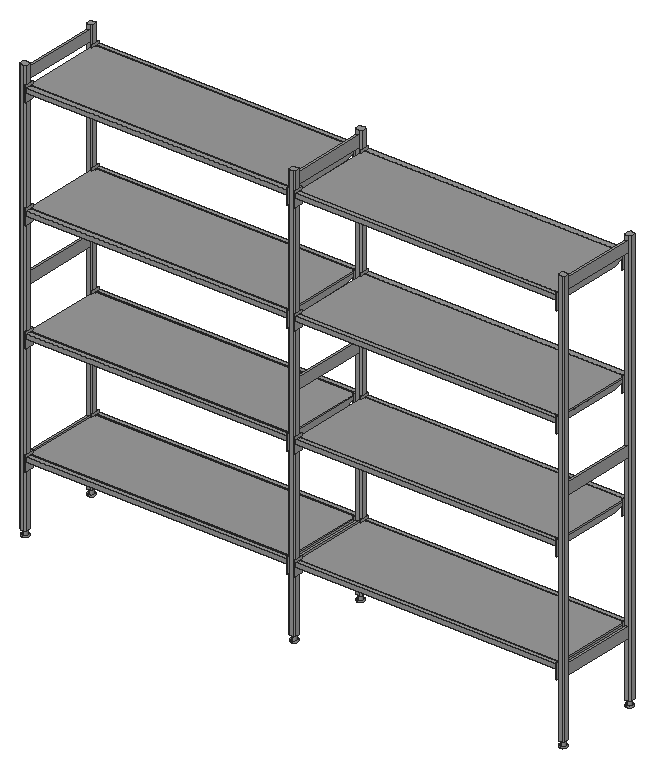
Revit family "QF_ZANUSSI_137025_ALS2224", category Attrezzature speciali, Revit 2020
Family settings
  Quota connettore circolare = Usa diametro
  Tipo di parte = Normale
  Basato su piano di lavoro = No
  Sempre verticale = Sì
  Taglio con vuoti quando caricato = No
  Condiviso = No
  Punto di calcolo locali = No
Parameters (values of type "Standard")
  Weight = 37.00 kg
  Watts = 0 W
  Volts = 0 V
  URL Manufacturer = "http://www.zanussiprofessional.com"
  URL = "http://www.zanussiprofessional.com"
  Steam Supply Size = 0 mm
  Steam Supply Minimum Pressure = 0.0 Pa
  Steam Supply Maximum Pressure = 0.0 Pa
  Steam Consumption per Hour = 0
  Refrigeration Suction Line Size = 0.0 mm
  Refrigeration Liquid Line Size = 0.0 mm
  Refrigerant Compressor Remote = yes
  Prospetto di default = 0.0 mm
  Phase = 0
  Modello = "ALS2224"
  Produttore = "Zanussi"
  Length Actual = 2224.0 mm  # constant formula
  Item Number = "137025"
  Hot Water Size = 0 mm
  Height Actual = 1700.0 mm  # constant formula
  HP = "0 HP"
  Gas Size = 0 mm
  Gas KW = 0
  Gas Input Pressure = 0 W
  Direct Waste Size = 0 mm
  Descrizione = "ALUM.LINEAR SHELV.-POLY.TIERS-373X2224MM"
  Depth Actual = 373.0 mm  # constant formula
  Cycle = 0 Hz
  Condensate Return Size = 0 mm
  Compressed Air Volume = 0.0 L/s
  Compressed Air Size = 0 mm
  Compressed Air Pressure = 0.0 Pa
  Cold Water Size = 0 mm
  Accessory = yes
Reference planes
  plane 1: z = 0
  plane 2 "CenterLeft": x = -31
  plane 3 "LEFT": x = -417
  plane 4 "BACK": y = 23
  plane 5 "FRONT": y = -350
  plane 6 "TOP": z = 1700
  plane 7: x = -385
  plane 8: x = 677
  plane 9 "Center (Front/Back)": y = -163.5
  plane 10: y = -8.5
  plane 11: y = -318.5
  plane 12 "FEET": z = 25
  plane 13: z = 275
  plane 14: z = 725
  plane 15: z = 1175
  plane 16: z = 1625
  plane 17 "CXLeft": x = -403
  plane 18 "Center (Left/Right)": x = 695
  plane 19: y = 5.5
  plane 20 "CYBack": y = 5.5
  plane 21 "CYFront": y = -332.5
  plane 22 "RIGHT": x = 1807
  plane 23: x = 1775
  plane 24 "CXRight": x = 1793
  plane 25: x = 713
Forms (mm)
  Extrusion 1, solid, material "QF_Aluminum"
    sketch origin (-417, 0, -4.006) x (0, 1, 0) y (0, 0, 1)
      loop
        line (-12, 1637.003) -> (4, 1637.003) -> (4, 1655) -> (2.007, 1655) -> (2.007, 1648.501) -> (-329, 1648.501) -> (-329, 1655) -> (-331, 1655) -> (-331, 1637.003) -> (-315, 1637.003) -> (-281, 1625) -> (-46, 1625) -> (-12, 1637.003)
      loop
        line (-12, 1187.003) -> (4, 1187.003) -> (4, 1205) -> (2.007, 1205) -> (2.007, 1198.501) -> (-329, 1198.501) -> (-329, 1205) -> (-331, 1205) -> (-331, 1187.003) -> (-315, 1187.003) -> (-281, 1175) -> (-46, 1175) -> (-12, 1187.003)
      loop
        line (-12, 737.003) -> (4, 737.003) -> (4, 755) -> (2.007, 755) -> (2.007, 748.501) -> (-329, 748.501) -> (-329, 755) -> (-331, 755) -> (-331, 737.003) -> (-315, 737.003) -> (-281, 725) -> (-46, 725) -> (-12, 737.003)
      loop
        line (-12, 287.003) -> (4, 287.003) -> (4, 305) -> (2.007, 305) -> (2.007, 298.501) -> (-329, 298.501) -> (-329, 305) -> (-331, 305) -> (-331, 287.003) -> (-315, 287.003) -> (-281, 275) -> (-46, 275) -> (-12, 287.003)
    from 37 to 32
  Extrusion 2, solid, material "QF_Aluminum"
    sketch origin (-417, 0, 0) x (0, 1, 0) y (0, 0, 1)
      loop
        line (23, 246.005) -> (23, 307.993) -> (-12.993, 307.993) -> (-12.993, 246.005) -> (23, 246.005)
      loop
        line (-350, 246.005) -> (-314.007, 246.005) -> (-314.007, 307.993) -> (-350, 307.993) -> (-350, 246.005)
      loop
        line (23, 696.005) -> (23, 757.993) -> (-12.993, 757.993) -> (-12.993, 696.005) -> (23, 696.005)
      loop
        line (-350, 696.005) -> (-314.007, 696.005) -> (-314.007, 757.993) -> (-350, 757.993) -> (-350, 696.005)
      loop
        line (23, 1146.005) -> (23, 1207.993) -> (-12.993, 1207.993) -> (-12.993, 1146.005) -> (23, 1146.005)
      loop
        line (-350, 1146.005) -> (-314.007, 1146.005) -> (-314.007, 1207.993) -> (-350, 1207.993) -> (-350, 1146.005)
      loop
        line (23, 1596.005) -> (23, 1657.993) -> (-12.993, 1657.993) -> (-12.993, 1596.005) -> (23, 1596.005)
      loop
        line (-350, 1596.005) -> (-314.007, 1596.005) -> (-314.007, 1657.993) -> (-350, 1657.993) -> (-350, 1596.005)
    from 28 to 32
  Extrusion 3, solid, material "QF_Aluminum"
    sketch origin (-417, 0, 0) x (0, 1, 0) y (0, 0, 1)
      loop
        line (4, 1650.994) -> (4, 1632.998) -> (23, 1632.998) -> (23, 1650.994) -> (4, 1650.994)
      loop
        line (-331, 1650.994) -> (-350, 1650.994) -> (-350, 1632.998) -> (-331, 1632.998) -> (-331, 1650.994)
      loop
        line (4, 1200.994) -> (4, 1182.998) -> (23, 1182.998) -> (23, 1200.994) -> (4, 1200.994)
      loop
        line (-331, 1200.994) -> (-350, 1200.994) -> (-350, 1182.998) -> (-331, 1182.998) -> (-331, 1200.994)
      loop
        line (4, 750.994) -> (4, 732.998) -> (23, 732.998) -> (23, 750.994) -> (4, 750.994)
      loop
        line (-331, 750.994) -> (-350, 750.994) -> (-350, 732.998) -> (-331, 732.998) -> (-331, 750.994)
      loop
        line (4, 300.994) -> (4, 282.998) -> (23, 282.998) -> (23, 300.994) -> (4, 300.994)
      loop
        line (-331, 300.994) -> (-350, 300.994) -> (-350, 282.998) -> (-331, 282.998) -> (-331, 300.994)
    from 32 to 1094
  Extrusion 4, solid, material "QF_Polyethylene"
    sketch origin (-417, 0, 0) x (0, 1, 0) y (0, 0, 1)
      loop
        line (2.007, 1650.994) -> (-329, 1650.994) -> (-329, 1644.496) -> (2.007, 1644.496) -> (2.007, 1650.994)
      loop
        line (2.007, 1200.994) -> (-329, 1200.994) -> (-329, 1194.496) -> (2.007, 1194.496) -> (2.007, 1200.994)
      loop
        line (2.007, 750.994) -> (-329, 750.994) -> (-329, 744.496) -> (2.007, 744.496) -> (2.007, 750.994)
      loop
        line (2.007, 300.994) -> (-329, 300.994) -> (-329, 294.496) -> (2.007, 294.496) -> (2.007, 300.994)
    from 32 to 1094
  Extrusion 5, solid, material "QF_Aluminum"
    sketch origin (1807, 0, 0) x (0, 1, 0) y (0, 0, 1)
      loop
        line (4, 1650.994) -> (4, 1632.998) -> (23, 1632.998) -> (23, 1650.994) -> (4, 1650.994)
      loop
        line (-331, 1650.994) -> (-350, 1650.994) -> (-350, 1632.998) -> (-331, 1632.998) -> (-331, 1650.994)
      loop
        line (4, 1200.994) -> (4, 1182.998) -> (23, 1182.998) -> (23, 1200.994) -> (4, 1200.994)
      loop
        line (-331, 1200.994) -> (-350, 1200.994) -> (-350, 1182.998) -> (-331, 1182.998) -> (-331, 1200.994)
      loop
        line (4, 750.994) -> (4, 732.998) -> (23, 732.998) -> (23, 750.994) -> (4, 750.994)
      loop
        line (-331, 750.994) -> (-350, 750.994) -> (-350, 732.998) -> (-331, 732.998) -> (-331, 750.994)
      loop
        line (4, 300.994) -> (4, 282.998) -> (23, 282.998) -> (23, 300.994) -> (4, 300.994)
      loop
        line (-331, 300.994) -> (-350, 300.994) -> (-350, 282.998) -> (-331, 282.998) -> (-331, 300.994)
    from -32 to -1094
  Extrusion 6, solid, material "QF_Polyethylene"
    sketch origin (1807, 0, 0) x (0, 1, 0) y (0, 0, 1)
      loop
        line (2.007, 1650.994) -> (-329, 1650.994) -> (-329, 1644.496) -> (2.007, 1644.496) -> (2.007, 1650.994)
      loop
        line (2.007, 1200.994) -> (-329, 1200.994) -> (-329, 1194.496) -> (2.007, 1194.496) -> (2.007, 1200.994)
      loop
        line (2.007, 750.994) -> (-329, 750.994) -> (-329, 744.496) -> (2.007, 744.496) -> (2.007, 750.994)
      loop
        line (2.007, 300.994) -> (-329, 300.994) -> (-329, 294.496) -> (2.007, 294.496) -> (2.007, 300.994)
    from -32 to -1094
Lines and regions (mm)
  symbolic lines
    curve 1: line (677, 4, 1700) -> (-385, 4, 1700)
    curve 2: line (-408, -8.5, 1700) -> (-408, -318.5, 1700)
    curve 3: line (-398, -318.5, 1700) -> (-398, -8.5, 1700)
    curve 4: line (-389, 23, 1700) -> (681, 23, 1700)
    curve 5: line (-385, -350, 1700) -> (677, -350, 1700)
    curve 6: line (709, 23, 1700) -> (1779, 23, 1700)
    curve 7: line (709, -350, 1700) -> (1779, -350, 1700)
    curve 8: line (-385, -331, 1700) -> (677, -331, 1700)
    curve 9: line (713, -331, 1700) -> (1775, -331, 1700)
    curve 10: line (713, 4, 1700) -> (1775, 4, 1700)
    curve 11: line (1775, -12.993, 1700) -> (1775, -314.007, 1700)
    curve 12: line (677, -12.993, 1700) -> (677, -314.007, 1700)
    curve 13: line (713, -314.007, 1700) -> (713, -12.993, 1700)
    curve 14: line (-385, -12.993, 1700) -> (-385, -314.007, 1700)
Dimensions and locks
  plane 3 "LEFT" to plane 2 "CenterLeft" = 386.0 mm
  locked: plane 6 "TOP" to level at 1700
  locked: plane 4 "BACK" to plane 5 "FRONT" at 373
  locked: plane 7 to plane 8 at 1062
  locked: plane 10 to plane 11 at 310
  equal spacing: plane 10, plane 9 "Center (Front/Back)", plane 11
  equal spacing: plane 4 "BACK", plane 9 "Center (Front/Back)", plane 5 "FRONT"
  plane 12 "FEET" to level = 25.0 mm
  plane 6 "TOP" to plane 12 "FEET" = 1675.0 mm
  plane 13 to plane 12 "FEET" = 250.0 mm
  plane 14 to plane 13 = 450.0 mm
  plane 15 to plane 14 = 450.0 mm
  plane 16 to plane 15 = 450.0 mm
  locked: plane 4 "BACK" to plane 20 "CYBack" at 17.5
  locked: plane 21 "CYFront" to plane 5 "FRONT" at 17.5
  locked: plane 4 "BACK" to Extrusion 1 at 19
  locked: Extrusion 1 to plane 5 "FRONT" at 19
  Extrusion 1 sketch curve to plane 21 "CYFront" = 3.5 mm
  plane 3 "LEFT" to plane 22 "RIGHT" = 2224.0 mm
  locked: plane 25 to plane 23 at 1062
  locked: plane 8 to plane 18 "Center (Left/Right)" at 18
  locked: plane 18 "Center (Left/Right)" to plane 25 at 18
  locked: plane 3 "LEFT" to plane 7 at 32
  locked: plane 24 "CXRight" to plane 22 "RIGHT" at 14
  aligned and locked: level to plane 1
  aligned and locked: plane 7 to Extrusion 1
  aligned and locked: Extrusion 2 to plane 7
  aligned and locked: plane 7 to Extrusion 4
  aligned and locked: Extrusion 4 to plane 8
  aligned and locked: plane 7 to Extrusion 3
  aligned and locked: Extrusion 3 to plane 8
  aligned and locked: Extrusion 3 sketch curve to Extrusion 1
  aligned and locked: Extrusion 1 to Extrusion 3 sketch curve
  aligned and locked: Extrusion 3 sketch curve to Extrusion 3 sketch curve  (x2)
  aligned and locked: Extrusion 1 sketch curve to Extrusion 1 sketch curve  (x3)
  aligned and locked: Extrusion 4 sketch curve to Extrusion 1  (x4)
  aligned and locked: Extrusion 5 sketch curve to Extrusion 5 sketch curve  (x2)
  aligned and locked: Extrusion 5 to plane 25
  aligned and locked: Extrusion 6 to plane 25
  aligned and locked: plane 18 "Center (Left/Right)" to nested 3
  aligned and locked: plane 17 "CXLeft" to nested 1
  aligned and locked: Extrusion 3 to plane 7  (x3)
  aligned and locked: plane 8 to Extrusion 3  (x4)
  aligned and locked: plane 25 to Extrusion 5  (x4)
  aligned and locked: plane 25 to Extrusion 6  (x4)
  aligned and locked: plane 8 to Extrusion 4  (x4)
  aligned and locked: plane 24 "CXRight" to nested 2
  aligned and locked: Extrusion 5 to plane 23
  aligned and locked: Extrusion 6 to plane 23
  aligned and locked: plane 23 to Extrusion 5  (x3)
  aligned and locked: plane 23 to Extrusion 6  (x3)
Automatic sketch dimensions
  plane 21 "CYFront" to Extrusion 1 sketch curve = 1.5 mm  (x4)
  plane 11 to Extrusion 1 sketch curve = 3.5 mm  (x4)
  Extrusion 1 sketch curve to plane 13 = 4.006 mm
  Extrusion 1 sketch curve to Extrusion 1 sketch curve = 34.0 mm  (x4)
  Extrusion 1 sketch curve to plane 14 = 4.006 mm
  Extrusion 1 sketch curve to plane 15 = 4.006 mm
  Extrusion 1 sketch curve to plane 16 = 4.006 mm
  Extrusion 1 sketch curve to plane 10 = 37.5 mm  (x4)
  Extrusion 1 sketch curve to plane 10 = 3.5 mm  (x4)
  plane 19 to Extrusion 1 sketch curve = 3.493 mm  (x4)
  plane 19 to Extrusion 1 sketch curve = 1.5 mm  (x4)
  plane 13 to Extrusion 1 sketch curve = 7.998 mm  (x2)
  Extrusion 1 sketch curve to Extrusion 1 sketch curve = 11.498 mm  (x4)
  Extrusion 1 sketch curve to Extrusion 1 sketch curve = 6.499 mm  (x8)
  plane 14 to Extrusion 1 sketch curve = 7.998 mm  (x2)
  plane 15 to Extrusion 1 sketch curve = 7.998 mm  (x2)
  plane 16 to Extrusion 1 sketch curve = 7.998 mm  (x2)
  Extrusion 2 sketch curve to plane 5 "FRONT" = 0.0 mm  (x4)
  Extrusion 2 sketch curve to plane 4 "BACK" = 0.0 mm  (x4)
  plane 11 to Extrusion 2 sketch curve = 4.493 mm  (x4)
  Extrusion 2 sketch curve to plane 10 = 4.493 mm  (x4)
  Extrusion 2 sketch curve to plane 13 = 28.995 mm  (x2)
  plane 13 to Extrusion 2 sketch curve = 32.993 mm  (x2)
  Extrusion 2 sketch curve to plane 14 = 28.995 mm  (x2)
  plane 14 to Extrusion 2 sketch curve = 32.993 mm  (x2)
  Extrusion 2 sketch curve to plane 15 = 28.995 mm  (x2)
  plane 15 to Extrusion 2 sketch curve = 32.993 mm  (x2)
  Extrusion 2 sketch curve to plane 16 = 28.995 mm  (x2)
  plane 16 to Extrusion 2 sketch curve = 32.993 mm  (x2)
  Extrusion 3 sketch curve to plane 5 "FRONT" = 0.0 mm  (x4)
  Extrusion 3 sketch curve to plane 4 "BACK" = 0.0 mm  (x4)
  plane 19 to Extrusion 3 sketch curve = 1.5 mm  (x4)
  plane 13 to Extrusion 3 sketch curve = 7.998 mm  (x2)
  Extrusion 3 sketch curve to Extrusion 3 sketch curve = 17.997 mm  (x8)
  plane 14 to Extrusion 3 sketch curve = 7.998 mm  (x2)
  plane 15 to Extrusion 3 sketch curve = 7.998 mm  (x2)
  plane 16 to Extrusion 3 sketch curve = 7.998 mm  (x2)
  plane 19 to Extrusion 4 sketch curve = 3.493 mm  (x4)
  plane 13 to Extrusion 4 sketch curve = 19.496 mm
  Extrusion 4 sketch curve to Extrusion 4 sketch curve = 6.499 mm  (x4)
  plane 14 to Extrusion 4 sketch curve = 19.496 mm
  plane 15 to Extrusion 4 sketch curve = 19.496 mm
  plane 16 to Extrusion 4 sketch curve = 19.496 mm
  Extrusion 5 sketch curve to plane 5 "FRONT" = 0.0 mm  (x4)
  Extrusion 5 sketch curve to plane 4 "BACK" = 0.0 mm  (x4)
  plane 21 "CYFront" to Extrusion 5 sketch curve = 1.5 mm  (x2)
  plane 19 to Extrusion 5 sketch curve = 1.5 mm  (x4)
  plane 13 to Extrusion 5 sketch curve = 7.998 mm  (x2)
  Extrusion 5 sketch curve to Extrusion 5 sketch curve = 17.997 mm  (x8)
  plane 14 to Extrusion 5 sketch curve = 7.998 mm  (x2)
  plane 15 to Extrusion 5 sketch curve = 7.998 mm  (x2)
  plane 16 to Extrusion 5 sketch curve = 7.998 mm  (x2)
  plane 21 "CYFront" to Extrusion 6 sketch curve = 3.5 mm  (x4)
  plane 19 to Extrusion 6 sketch curve = 3.493 mm  (x4)
  plane 13 to Extrusion 6 sketch curve = 19.496 mm
  Extrusion 6 sketch curve to Extrusion 6 sketch curve = 6.499 mm  (x4)
  plane 14 to Extrusion 6 sketch curve = 19.496 mm
  plane 15 to Extrusion 6 sketch curve = 19.496 mm
  plane 16 to Extrusion 6 sketch curve = 19.496 mm
  curve 7 to plane 5 "FRONT" = 0.0 mm
  curve 5 to plane 5 "FRONT" = 0.0 mm
  curve 8 to plane 8 = 0.0 mm
  curve 9 to plane 25 = 0.0 mm
  curve 9 to plane 23 = 0.0 mm
  curve 8 to plane 7 = 0.0 mm
  curve 2 to plane 11 = 0.0 mm
  curve 3 to plane 11 = 0.0 mm
  curve 14 to plane 7 = 0.0 mm
  curve 13 to plane 25 = 0.0 mm
  curve 12 to plane 8 = 0.0 mm
  curve 11 to plane 23 = 0.0 mm
  curve 3 to plane 10 = 0.0 mm
  curve 2 to plane 10 = 0.0 mm
  curve 1 to plane 8 = 0.0 mm
  curve 1 to plane 7 = 0.0 mm
  curve 10 to plane 23 = 0.0 mm
  curve 10 to plane 25 = 0.0 mm
  curve 4 to plane 4 "BACK" = 0.0 mm
  curve 6 to plane 4 "BACK" = 0.0 mm
  curve 5 to plane 8 = 0.0 mm
  curve 5 to plane 7 = 0.0 mm
  plane 21 "CYFront" to curve 8 = 1.5 mm
  plane 21 "CYFront" to curve 9 = 1.5 mm
  plane 11 to curve 14 = 4.493 mm
  plane 11 to curve 13 = 4.493 mm
  plane 11 to curve 12 = 4.493 mm
  plane 11 to curve 11 = 4.493 mm
  curve 14 to plane 10 = 4.493 mm
  curve 13 to plane 10 = 4.493 mm
  curve 12 to plane 10 = 4.493 mm
  curve 11 to plane 10 = 4.493 mm
  plane 19 to curve 1 = 1.5 mm
  plane 19 to curve 10 = 1.5 mm
  curve 6 to plane 23 = 4.0 mm
  curve 7 to plane 23 = 4.0 mm
  curve 6 to plane 25 = 4.0 mm
  curve 7 to plane 25 = 4.0 mm
  curve 4 to plane 8 = 4.0 mm
  plane 7 to curve 4 = 4.0 mm
  plane 17 "CXLeft" to curve 3 = 5.0 mm
  curve 2 to plane 17 "CXLeft" = 5.0 mm
Nested families
  nested 1: "WT_Anta373" at (0, 0, 0), type "WT_Anta373"
  nested 2: "WT_Anta373" at (1390, 0, 0) x (-1, 0, 0) z (0, 0, 1), type "WT_Anta373"
  nested 3: "WT_Anta373Center" at (1098, 0, 0), type "WT_Anta373Center"
Definition of nested family "WT_Anta373"
  Parameters
    WidthLeft = A + 64.0 mm  # 772.0 mm
    Width = 1606.0 mm
    Right = WidthLeft / 2  # 386.0 mm
    Default Elevation = 0.0 mm
    Left = -WidthLeft / 2  # -386.0 mm
    Height = 1725.0 mm
    FEET = 25.0 mm
    E = 0.0 mm
    Dint = Depth - 63.0 mm  # 310.0 mm
    Dext = Depth - 8.0 mm  # 365.0 mm
    Depth = 373.0 mm
    DX = (WidthLeft - A) / 2  # 32.0 mm
    B = 798.0 mm
    A = 708.0 mm
  Reference planes
    plane 1: z = 0
    plane 2 "LEFT": x = -417
    plane 3 "BACK": y = 23
    plane 4 "FRONT": y = -350
    plane 5 "TOP": z = 1725
    plane 6 "Center (Front/Back)": y = -163.5
    plane 7: y = -8.5
    plane 8: y = -318.5
    plane 9 "FEET": z = 25
    plane 10: z = 275
    plane 11: z = 725
    plane 12: z = 1175
    plane 13: z = 1625
    plane 14 "CXLeft": x = -403
    plane 15: y = 5.5
    plane 16 "CYBack": y = 5.5
    plane 17 "CYFront": y = -332.5
    plane 18: x = -385.031
    plane 19: x = -380.031
  Forms (mm)
    Extrusion 1, solid
      sketch origin (0, 0, 0) x (1, 0, 0) y (0, 1, 0)
        loop
          line (-417, 13.246) -> (-417, -2.246) -> (-410.746, -8.5) -> (-395.254, -8.5) -> (-389, -2.246) -> (-389, 13.246) -> (-395.254, 19.5) -> (-410.746, 19.5) -> (-417, 13.246)
      from 1725 to 25
    Extrusion 2, solid
      sketch origin (-417, 0, 0) x (0, 1, 0) y (0, 0, 1)
        loop
          line (23, 246.005) -> (23, 307.993) -> (-12.993, 307.993) -> (-12.993, 246.005) -> (23, 246.005)
        loop
          line (-350, 246.005) -> (-314.007, 246.005) -> (-314.007, 307.993) -> (-350, 307.993) -> (-350, 246.005)
        loop
          line (23, 696.005) -> (23, 757.993) -> (-12.993, 757.993) -> (-12.993, 696.005) -> (23, 696.005)
        loop
          line (-350, 696.005) -> (-314.007, 696.005) -> (-314.007, 757.993) -> (-350, 757.993) -> (-350, 696.005)
        loop
          line (23, 1146.005) -> (23, 1207.993) -> (-12.993, 1207.993) -> (-12.993, 1146.005) -> (23, 1146.005)
        loop
          line (-350, 1146.005) -> (-314.007, 1146.005) -> (-314.007, 1207.993) -> (-350, 1207.993) -> (-350, 1146.005)
        loop
          line (23, 1596.005) -> (23, 1657.993) -> (-12.993, 1657.993) -> (-12.993, 1596.005) -> (23, 1596.005)
        loop
          line (-350, 1596.005) -> (-314.007, 1596.005) -> (-314.007, 1657.993) -> (-350, 1657.993) -> (-350, 1596.005)
      from 28 to 32
    Revolve 3, solid
      sketch origin (-403, 0, 0) x (0, 1, 0) y (0, 0, 1)
        loop
          line (5.5, 25) -> (5.5, 0) -> (19, 0) -> (19, 5) -> (14, 5) -> (14, 25) -> (5.5, 25)
        axis (5.5, 25) -> (5.5, 0)
      angle from 0 to 360
    Extrusion 4, solid
      sketch origin (-403, 0, 0) x (0, 1, 0) y (0, 0, 1)
        loop
          line (-8.5, 912.382) -> (-8.5, 957.374) -> (-318.5, 957.374) -> (-318.5, 912.382) -> (-8.5, 912.382)
        loop
          line (-8.5, 1662.244) -> (-8.5, 1707.236) -> (-318.5, 1707.236) -> (-318.5, 1662.244) -> (-8.5, 1662.244)
      from -5 to 5
    Revolve 5, solid
      sketch origin (-403, -627, 0) x (0, -1, 0) y (0, 0, 1)
        loop
          line (-294.5, 25) -> (-294.5, 0) -> (-281, 0) -> (-281, 5) -> (-286, 5) -> (-286, 25) -> (-294.5, 25)
        axis (-294.5, 25) -> (-294.5, 0)
      angle from 0 to 360
    Extrusion 6, solid
      sketch origin (0, -627, 0) x (1, 0, 0) y (0, 1, 0)
        loop
          line (-417, 286.754) -> (-410.746, 280.5) -> (-395.254, 280.5) -> (-389, 286.754) -> (-389, 302.246) -> (-395.254, 308.5) -> (-410.746, 308.5) -> (-417, 302.246) -> (-417, 286.754)
      from 1725 to 25
    Extrusion 7, solid
      sketch origin (-417.031, -0.022, 0) x (0, 1, 0) y (0, 0, -1)
        loop
          line (-12, -1632.998) -> (-46, -1620.994) -> (-281, -1620.994) -> (-315, -1632.998) -> (-331, -1632.998) -> (-331, -1650.994) -> (-329, -1650.994) -> (-329, -1644.496) -> (2.007, -1644.496) -> (2.007, -1650.994) -> (4, -1650.994) -> (4, -1632.998) -> (-12, -1632.998)
        loop
          line (-12, -1182.998) -> (-46, -1170.994) -> (-281, -1170.994) -> (-315, -1182.998) -> (-331, -1182.998) -> (-331, -1200.994) -> (-329, -1200.994) -> (-329, -1194.496) -> (2.007, -1194.496) -> (2.007, -1200.994) -> (4, -1200.994) -> (4, -1182.998) -> (-12, -1182.998)
        loop
          line (-12, -732.998) -> (-46, -720.994) -> (-281, -720.994) -> (-315, -732.998) -> (-331, -732.998) -> (-331, -750.994) -> (-329, -750.994) -> (-329, -744.496) -> (2.007, -744.496) -> (2.007, -750.994) -> (4, -750.994) -> (4, -732.998) -> (-12, -732.998)
        loop
          line (-12, -282.998) -> (-46, -270.994) -> (-281, -270.994) -> (-315, -282.998) -> (-331, -282.998) -> (-331, -300.994) -> (-329, -300.994) -> (-329, -294.496) -> (2.007, -294.496) -> (2.007, -300.994) -> (4, -300.994) -> (4, -282.998) -> (-12, -282.998)
      from -32 to -37
    Extrusion 8, solid
      sketch origin (-403, 0, -659.878) x (0, 1, 0) y (0, 0, 1)
        loop
          line (-8.5, 912.382) -> (-8.5, 957.374) -> (-318.5, 957.374) -> (-318.5, 912.382) -> (-8.5, 912.382)
        loop
          line (-8.5, 1572.382) -> (-8.5, 1617.374) -> (-318.5, 1617.374) -> (-318.5, 1572.382) -> (-8.5, 1572.382)
        loop
          line (-8.5, 2322.382) -> (-8.5, 2367.374) -> (-318.5, 2367.374) -> (-318.5, 2322.382) -> (-8.5, 2322.382)
      from -5 to 5
  Lines and regions (mm)
    symbolic lines
      curve 1: line (-408, -8.5, 1725) -> (-408, -318.5, 1725)
      curve 2: line (-398, -318.5, 1725) -> (-398, -8.5, 1725)
      curve 3: line (-395.254, -8.5, 1725) -> (-410.746, -8.5, 1725)
      curve 4: line (-417, -2.246, 1725) -> (-410.746, -8.5, 1725)
      curve 5: line (-417, 13.246, 1725) -> (-417, -2.246, 1725)
      curve 6: line (-410.746, 19.5, 1725) -> (-417, 13.246, 1725)
      curve 7: line (-395.254, 19.5, 1725) -> (-410.746, 19.5, 1725)
      curve 8: line (-389, 13.246, 1725) -> (-395.254, 19.5, 1725)
      curve 9: line (-395.254, -8.5, 1725) -> (-389, -2.246, 1725)
      curve 10: line (-395.254, -318.5, 1725) -> (-410.746, -318.5, 1725)
      curve 11: line (-417, -324.754, 1725) -> (-410.746, -318.5, 1725)
      curve 12: line (-410.746, -346.5, 1725) -> (-417, -340.246, 1725)
      curve 13: line (-395.254, -346.5, 1725) -> (-410.746, -346.5, 1725)
      curve 14: line (-389, -340.246, 1725) -> (-395.254, -346.5, 1725)
      curve 15: line (-395.254, -318.5, 1725) -> (-389, -324.754, 1725)
      curve 16: line (-389, -350, 1725) -> (-389, -314.007, 1725)
      curve 17: line (-389, -314.007, 1725) -> (-385, -314.007, 1725)
      curve 18: line (-389, 23, 1725) -> (-389, -12.993, 1725)
      curve 19: line (-389, -12.993, 1725) -> (-385, -12.993, 1725)
      curve 20: line (-417, -324.754, 1725) -> (-417, -340.246, 1725)
      curve 21: line (-385, -350, 1725) -> (-385, -314.007, 1725)
      curve 22: line (-385, -350, 1725) -> (-389, -350, 1725)
      curve 23: line (-385, 23, 1725) -> (-389, 23, 1725)
      curve 24: line (-385, -12.993, 1725) -> (-385, 23, 1725)
      curve 25: line (-385.031, -13.016, 1725) -> (-385.031, -314.029, 1725)
  Dimensions and locks
    "Height": plane 5 "TOP" to level
    "Depth": plane 3 "BACK" to plane 4 "FRONT"
    "Dint": plane 7 to plane 8
    equal spacing: plane 7, plane 6 "Center (Front/Back)", plane 8
    equal spacing: plane 3 "BACK", plane 6 "Center (Front/Back)", plane 4 "FRONT"
    plane 9 "FEET" to level = 25.0 mm
    plane 5 "TOP" to plane 9 "FEET" = 1700.0 mm
    plane 10 to plane 9 "FEET" = 250.0 mm
    plane 11 to plane 10 = 450.0 mm
    plane 12 to plane 11 = 450.0 mm
    plane 13 to plane 12 = 450.0 mm
    locked: plane 2 "LEFT" to plane 14 "CXLeft" at 14
    locked: plane 3 "BACK" to plane 16 "CYBack" at 17.5
    locked: plane 17 "CYFront" to plane 4 "FRONT" at 17.5
    locked: Revolve 3 sketch curve to Revolve 3 sketch curve at 8.5
    locked: Revolve 3 sketch curve to plane 16 "CYBack" at 13.5
    locked: Revolve 5 sketch curve to Revolve 5 sketch curve at 8.5
    aligned and locked: level to plane 1
    aligned and locked: curve 20 to Extrusion 6
    aligned and locked: plane 5 "TOP" to Extrusion 1
    aligned and locked: plane 5 "TOP" to Extrusion 6
    aligned and locked: Extrusion 7 sketch curve to Extrusion 7 sketch curve  (x3)
  Automatic sketch dimensions
    curve 16 to plane 4 "FRONT" = 0.0 mm
    curve 11 to plane 8 = 0.0 mm
    curve 9 to plane 7 = 0.0 mm
    curve 5 to plane 2 "LEFT" = 0.0 mm
    curve 23 to plane 3 "BACK" = 0.0 mm
    plane 4 "FRONT" to curve 13 = 3.5 mm
    curve 20 to plane 17 "CYFront" = 7.746 mm
    curve 20 to plane 8 = 6.254 mm
    plane 8 to curve 16 = 4.493 mm
    curve 24 to plane 18 = 0.031 mm
    curve 24 to plane 7 = 4.493 mm
    plane 7 to curve 5 = 6.254 mm
    curve 5 to plane 15 = 7.746 mm
    curve 6 to plane 3 "BACK" = 3.5 mm
    curve 21 to plane 18 = 0.031 mm
    plane 18 to curve 23 = 3.969 mm
    plane 18 to curve 16 = 3.969 mm
    curve 18 to curve 8 = 6.254 mm
    curve 18 to curve 3 = 6.254 mm
    curve 16 to curve 13 = 6.254 mm
    curve 16 to curve 15 = 6.254 mm
    plane 2 "LEFT" to curve 10 = 6.254 mm
    plane 2 "LEFT" to curve 7 = 6.254 mm
    plane 2 "LEFT" to curve 12 = 6.254 mm
    plane 2 "LEFT" to curve 3 = 6.254 mm
    curve 14 to plane 17 "CYFront" = 7.746 mm
    curve 15 to plane 8 = 6.254 mm
    plane 7 to curve 9 = 6.254 mm
    curve 8 to plane 15 = 7.746 mm
    curve 3 to curve 2 = 2.746 mm
    curve 1 to curve 10 = 2.746 mm
    Extrusion 1 sketch curve to plane 2 "LEFT" = 0.0 mm
    Extrusion 1 sketch curve to plane 7 = 0.0 mm
    plane 2 "LEFT" to Extrusion 1 sketch curve = 6.254 mm  (x2)
    plane 14 "CXLeft" to Extrusion 1 sketch curve = 7.746 mm  (x2)
    Extrusion 1 sketch curve to plane 3 "BACK" = 3.5 mm
    plane 18 to Extrusion 1 sketch curve = 3.969 mm
    plane 7 to Extrusion 1 sketch curve = 6.254 mm  (x2)
    Extrusion 1 sketch curve to plane 15 = 7.746 mm  (x2)
    Extrusion 2 sketch curve to plane 4 "FRONT" = 0.0 mm  (x4)
    Extrusion 2 sketch curve to plane 3 "BACK" = 0.0 mm  (x4)
    plane 8 to Extrusion 2 sketch curve = 4.493 mm  (x4)
    Extrusion 2 sketch curve to plane 7 = 4.493 mm  (x4)
    Extrusion 2 sketch curve to plane 10 = 28.995 mm  (x2)
    plane 10 to Extrusion 2 sketch curve = 32.993 mm  (x2)
    Extrusion 2 sketch curve to plane 11 = 28.995 mm  (x2)
    plane 11 to Extrusion 2 sketch curve = 32.993 mm  (x2)
    Extrusion 2 sketch curve to plane 12 = 28.995 mm  (x2)
    plane 12 to Extrusion 2 sketch curve = 32.993 mm  (x2)
    Extrusion 2 sketch curve to plane 13 = 28.995 mm  (x2)
    plane 13 to Extrusion 2 sketch curve = 32.993 mm  (x2)
    Revolve 3 sketch curve to plane 9 "FEET" = 0.0 mm  (x2)
    Revolve 3 sketch curve to plane 15 = 0.0 mm  (x2)
    Revolve 3 sketch curve to level = 0.0 mm
    level to Revolve 3 sketch curve = 5.0 mm
    Revolve 3 sketch curve to Revolve 3 sketch curve = 11.655 mm
    Extrusion 4 sketch curve to plane 8 = 0.0 mm  (x2)
    Extrusion 4 sketch curve to plane 7 = 0.0 mm  (x2)
    plane 11 to Extrusion 4 sketch curve = 187.382 mm
    Extrusion 4 sketch curve to Extrusion 4 sketch curve = 44.992 mm
    plane 13 to Extrusion 4 sketch curve = 37.244 mm
    Extrusion 4 sketch curve to plane 5 "TOP" = 17.764 mm
    Revolve 5 sketch curve to plane 9 "FEET" = 0.0 mm  (x2)
    Revolve 5 sketch curve to plane 17 "CYFront" = 0.0 mm  (x2)
    Revolve 5 sketch curve to level = 0.0 mm
    Revolve 5 sketch curve to plane 4 "FRONT" = 4.0 mm
    Revolve 5 sketch curve to Revolve 5 sketch curve = 5.0 mm
    level to Revolve 5 sketch curve = 11.655 mm
    Extrusion 6 sketch curve to plane 2 "LEFT" = 0.0 mm
    Extrusion 6 sketch curve to plane 8 = 0.0 mm
    Extrusion 6 sketch curve to plane 2 "LEFT" = 6.254 mm  (x2)
    Extrusion 6 sketch curve to plane 14 "CXLeft" = 7.746 mm  (x2)
    Extrusion 6 sketch curve to plane 4 "FRONT" = 3.5 mm
    Extrusion 6 sketch curve to plane 18 = 3.969 mm
    plane 8 to Extrusion 6 sketch curve = 6.254 mm  (x2)
    plane 17 "CYFront" to Extrusion 6 sketch curve = 7.746 mm  (x2)
    plane 17 "CYFront" to Extrusion 7 sketch curve = 1.478 mm  (x4)
    Extrusion 7 sketch curve to Extrusion 7 sketch curve = 2.0 mm
    plane 8 to Extrusion 7 sketch curve = 3.478 mm  (x4)
    Extrusion 7 sketch curve to plane 10 = 4.006 mm
    Extrusion 7 sketch curve to Extrusion 7 sketch curve = 34.0 mm  (x4)
    Extrusion 7 sketch curve to plane 11 = 4.006 mm
    Extrusion 7 sketch curve to plane 12 = 4.006 mm
    Extrusion 7 sketch curve to plane 13 = 4.006 mm
    Extrusion 7 sketch curve to plane 7 = 37.522 mm  (x4)
    Extrusion 7 sketch curve to plane 7 = 3.522 mm  (x4)
    plane 15 to Extrusion 7 sketch curve = 3.516 mm  (x4)
    plane 15 to Extrusion 7 sketch curve = 1.522 mm  (x4)
    plane 13 to Extrusion 7 sketch curve = 7.998 mm  (x2)
    Extrusion 7 sketch curve to Extrusion 7 sketch curve = 11.498 mm
    Extrusion 7 sketch curve to Extrusion 7 sketch curve = 6.499 mm  (x5)
    plane 12 to Extrusion 7 sketch curve = 25.994 mm  (x2)
    plane 12 to Extrusion 7 sketch curve = 7.998 mm  (x2)
    plane 11 to Extrusion 7 sketch curve = 25.994 mm  (x2)
    plane 11 to Extrusion 7 sketch curve = 7.998 mm  (x2)
    plane 10 to Extrusion 7 sketch curve = 25.994 mm  (x2)
    plane 10 to Extrusion 7 sketch curve = 7.998 mm  (x2)
    curve 25 to plane 18 = 0.0 mm
    plane 8 to curve 25 = 4.471 mm
    curve 25 to plane 7 = 4.516 mm
    Extrusion 8 sketch curve to plane 8 = 0.0 mm  (x3)
    Extrusion 8 sketch curve to plane 7 = 0.0 mm  (x3)
    Extrusion 8 sketch curve to plane 10 = 22.496 mm
    plane 10 to Extrusion 8 sketch curve = 22.496 mm
    plane 11 to Extrusion 8 sketch curve = 187.504 mm
    Extrusion 8 sketch curve to Extrusion 8 sketch curve = 44.992 mm
    plane 13 to Extrusion 8 sketch curve = 37.504 mm
    Extrusion 8 sketch curve to plane 5 "TOP" = 17.504 mm
Definition of nested family "WT_Anta373Center"
  Parameters
    WidthLeft = A + 64.0 mm  # 772.0 mm
    Width = 1606.0 mm
    Right = WidthLeft / 2  # 386.0 mm
    Default Elevation = 0.0 mm
    Left = -WidthLeft / 2  # -386.0 mm
    Height = 1725.0 mm
    FEET = 25.0 mm
    E = 0.0 mm
    Dint = Depth - 63.0 mm  # 310.0 mm
    Dext = Depth - 8.0 mm  # 365.0 mm
    Depth = 373.0 mm
    DX = (WidthLeft - A) / 2  # 32.0 mm
    B = 798.0 mm
    A = 708.0 mm
  Reference planes
    plane 1: z = 0
    plane 2 "L": x = -417
    plane 3 "BACK": y = 23
    plane 4 "FRONT": y = -350
    plane 5 "TOP": z = 1725
    plane 6 "Center (Front/Back)": y = -163.5
    plane 7: y = -8.5
    plane 8: y = -318.5
    plane 9 "FEET": z = 25
    plane 10: z = 275
    plane 11: z = 725
    plane 12: z = 1175
    plane 13: z = 1625
    plane 14 "CXLeft": x = -403
    plane 15: y = 5.5
    plane 16 "CYBack": y = 5.5
    plane 17 "CYFront": y = -332.5
    plane 18: x = -385.031
    plane 19 "RIGHT": x = -380.031
    plane 20: x = -420.969
    plane 21 "LEFT": x = -425.969
  Forms (mm)
    Extrusion 1, solid
      sketch origin (0, 0, 0) x (1, 0, 0) y (0, 1, 0)
        loop
          line (-417, 13.246) -> (-417, -2.246) -> (-410.746, -8.5) -> (-395.254, -8.5) -> (-389, -2.246) -> (-389, 13.246) -> (-395.254, 19.5) -> (-410.746, 19.5) -> (-417, 13.246)
      from 1725 to 25
    Extrusion 2, solid
      sketch origin (-417, 0, 0) x (0, 1, 0) y (0, 0, 1)
        loop
          line (23, 246.005) -> (23, 307.993) -> (-12.993, 307.993) -> (-12.993, 246.005) -> (23, 246.005)
        loop
          line (-350, 246.005) -> (-314.007, 246.005) -> (-314.007, 307.993) -> (-350, 307.993) -> (-350, 246.005)
        loop
          line (23, 696.005) -> (23, 757.993) -> (-12.993, 757.993) -> (-12.993, 696.005) -> (23, 696.005)
        loop
          line (-350, 696.005) -> (-314.007, 696.005) -> (-314.007, 757.993) -> (-350, 757.993) -> (-350, 696.005)
        loop
          line (23, 1146.005) -> (23, 1207.993) -> (-12.993, 1207.993) -> (-12.993, 1146.005) -> (23, 1146.005)
        loop
          line (-350, 1146.005) -> (-314.007, 1146.005) -> (-314.007, 1207.993) -> (-350, 1207.993) -> (-350, 1146.005)
        loop
          line (23, 1596.005) -> (23, 1657.993) -> (-12.993, 1657.993) -> (-12.993, 1596.005) -> (23, 1596.005)
        loop
          line (-350, 1596.005) -> (-314.007, 1596.005) -> (-314.007, 1657.993) -> (-350, 1657.993) -> (-350, 1596.005)
      from 28 to 32
    Revolve 3, solid
      sketch origin (-403, 0, 0) x (0, 1, 0) y (0, 0, 1)
        loop
          line (5.5, 25) -> (5.5, 0) -> (19, 0) -> (19, 5) -> (14, 5) -> (14, 25) -> (5.5, 25)
        axis (5.5, 25) -> (5.5, 0)
      angle from 0 to 360
    Extrusion 4, solid
      sketch origin (-403, 0, 0) x (0, 1, 0) y (0, 0, 1)
        loop
          line (-8.5, 912.382) -> (-8.5, 957.374) -> (-318.5, 957.374) -> (-318.5, 912.382) -> (-8.5, 912.382)
        loop
          line (-8.5, 1662.244) -> (-8.5, 1707.236) -> (-318.5, 1707.236) -> (-318.5, 1662.244) -> (-8.5, 1662.244)
      from -5 to 5
    Revolve 5, solid
      sketch origin (-403, -627, 0) x (0, -1, 0) y (0, 0, 1)
        loop
          line (-294.5, 25) -> (-294.5, 0) -> (-281, 0) -> (-281, 5) -> (-286, 5) -> (-286, 25) -> (-294.5, 25)
        axis (-294.5, 25) -> (-294.5, 0)
      angle from 0 to 360
    Extrusion 6, solid
      sketch origin (0, -627, 0) x (1, 0, 0) y (0, 1, 0)
        loop
          line (-417, 286.754) -> (-410.746, 280.5) -> (-395.254, 280.5) -> (-389, 286.754) -> (-389, 302.246) -> (-395.254, 308.5) -> (-410.746, 308.5) -> (-417, 302.246) -> (-417, 286.754)
      from 1725 to 25
    Extrusion 7, solid
      sketch origin (-417.031, -0.022, 0) x (0, 1, 0) y (0, 0, -1)
        loop
          line (-12, -1632.998) -> (-46, -1620.994) -> (-281, -1620.994) -> (-315, -1632.998) -> (-331, -1632.998) -> (-331, -1650.994) -> (-329, -1650.994) -> (-329, -1644.496) -> (2.007, -1644.496) -> (2.007, -1650.994) -> (4, -1650.994) -> (4, -1632.998) -> (-12, -1632.998)
        loop
          line (-12, -1182.998) -> (-46, -1170.994) -> (-281, -1170.994) -> (-315, -1182.998) -> (-331, -1182.998) -> (-331, -1200.994) -> (-329, -1200.994) -> (-329, -1194.496) -> (2.007, -1194.496) -> (2.007, -1200.994) -> (4, -1200.994) -> (4, -1182.998) -> (-12, -1182.998)
        loop
          line (-12, -732.998) -> (-46, -720.994) -> (-281, -720.994) -> (-315, -732.998) -> (-331, -732.998) -> (-331, -750.994) -> (-329, -750.994) -> (-329, -744.496) -> (2.007, -744.496) -> (2.007, -750.994) -> (4, -750.994) -> (4, -732.998) -> (-12, -732.998)
        loop
          line (-12, -282.998) -> (-46, -270.994) -> (-281, -270.994) -> (-315, -282.998) -> (-331, -282.998) -> (-331, -300.994) -> (-329, -300.994) -> (-329, -294.496) -> (2.007, -294.496) -> (2.007, -300.994) -> (4, -300.994) -> (4, -282.998) -> (-12, -282.998)
      from -32 to -37
    Extrusion 8, solid
      sketch origin (-403, 0, -659.878) x (0, 1, 0) y (0, 0, 1)
        loop
          line (-8.5, 912.382) -> (-8.5, 957.374) -> (-318.5, 957.374) -> (-318.5, 912.382) -> (-8.5, 912.382)
        loop
          line (-8.5, 1572.382) -> (-8.5, 1617.374) -> (-318.5, 1617.374) -> (-318.5, 1572.382) -> (-8.5, 1572.382)
        loop
          line (-8.5, 2322.382) -> (-8.5, 2367.374) -> (-318.5, 2367.374) -> (-318.5, 2322.382) -> (-8.5, 2322.382)
      from -5 to 5
    Extrusion 9, solid
      sketch origin (-389, 0, 0) x (0, 1, 0) y (0, 0, -1)
        loop
          line (23, -246.005) -> (-12.993, -246.005) -> (-12.993, -307.993) -> (23, -307.993) -> (23, -246.005)
        loop
          line (-350, -246.005) -> (-350, -307.993) -> (-314.007, -307.993) -> (-314.007, -246.005) -> (-350, -246.005)
        loop
          line (23, -696.005) -> (-12.993, -696.005) -> (-12.993, -757.993) -> (23, -757.993) -> (23, -696.005)
        loop
          line (-350, -696.005) -> (-350, -757.993) -> (-314.007, -757.993) -> (-314.007, -696.005) -> (-350, -696.005)
        loop
          line (23, -1146.005) -> (-12.993, -1146.005) -> (-12.993, -1207.993) -> (23, -1207.993) -> (23, -1146.005)
        loop
          line (-350, -1146.005) -> (-350, -1207.993) -> (-314.007, -1207.993) -> (-314.007, -1146.005) -> (-350, -1146.005)
        loop
          line (23, -1596.005) -> (-12.993, -1596.005) -> (-12.993, -1657.993) -> (23, -1657.993) -> (23, -1596.005)
        loop
          line (-350, -1596.005) -> (-350, -1657.993) -> (-314.007, -1657.993) -> (-314.007, -1596.005) -> (-350, -1596.005)
      from 28 to 32
    Extrusion 10, solid
      sketch origin (-388.969, -0.022, 0) x (0, 1, 0) y (0, 0, 1)
        loop
          line (-12, 1632.998) -> (4, 1632.998) -> (4, 1650.994) -> (2.007, 1650.994) -> (2.007, 1644.496) -> (-329, 1644.496) -> (-329, 1650.994) -> (-331, 1650.994) -> (-331, 1632.998) -> (-315, 1632.998) -> (-281, 1620.994) -> (-46, 1620.994) -> (-12, 1632.998)
        loop
          line (-12, 1182.998) -> (4, 1182.998) -> (4, 1200.994) -> (2.007, 1200.994) -> (2.007, 1194.496) -> (-329, 1194.496) -> (-329, 1200.994) -> (-331, 1200.994) -> (-331, 1182.998) -> (-315, 1182.998) -> (-281, 1170.994) -> (-46, 1170.994) -> (-12, 1182.998)
        loop
          line (-12, 732.998) -> (4, 732.998) -> (4, 750.994) -> (2.007, 750.994) -> (2.007, 744.496) -> (-329, 744.496) -> (-329, 750.994) -> (-331, 750.994) -> (-331, 732.998) -> (-315, 732.998) -> (-281, 720.994) -> (-46, 720.994) -> (-12, 732.998)
        loop
          line (-12, 282.998) -> (4, 282.998) -> (4, 300.994) -> (2.007, 300.994) -> (2.007, 294.496) -> (-329, 294.496) -> (-329, 300.994) -> (-331, 300.994) -> (-331, 282.998) -> (-315, 282.998) -> (-281, 270.994) -> (-46, 270.994) -> (-12, 282.998)
      from -32 to -37
  Lines and regions (mm)
    symbolic lines
      curve 1: line (-408, -8.5, 1725) -> (-408, -318.5, 1725)
      curve 2: line (-398, -318.5, 1725) -> (-398, -8.5, 1725)
      curve 3: line (-395.254, -8.5, 1725) -> (-410.746, -8.5, 1725)
      curve 4: line (-417, -2.246, 1725) -> (-410.746, -8.5, 1725)
      curve 5: line (-410.746, 19.5, 1725) -> (-417, 13.246, 1725)
      curve 6: line (-395.254, 19.5, 1725) -> (-410.746, 19.5, 1725)
      curve 7: line (-389, 13.246, 1725) -> (-395.254, 19.5, 1725)
      curve 8: line (-395.254, -8.5, 1725) -> (-389, -2.246, 1725)
      curve 9: line (-395.254, -318.5, 1725) -> (-410.746, -318.5, 1725)
      curve 10: line (-417, -324.754, 1725) -> (-410.746, -318.5, 1725)
      curve 11: line (-410.746, -346.5, 1725) -> (-417, -340.246, 1725)
      curve 12: line (-395.254, -346.5, 1725) -> (-410.746, -346.5, 1725)
      curve 13: line (-389, -340.246, 1725) -> (-395.254, -346.5, 1725)
      curve 14: line (-395.254, -318.5, 1725) -> (-389, -324.754, 1725)
      curve 15: line (-389, -350, 1725) -> (-389, -314.007, 1725)
      curve 16: line (-389, -314.007, 1725) -> (-385, -314.007, 1725)
      curve 17: line (-389, 23, 1725) -> (-389, -12.993, 1725)
      curve 18: line (-389, -12.993, 1725) -> (-385, -12.993, 1725)
      curve 19: line (-385, -350, 1725) -> (-385, -314.007, 1725)
      curve 20: line (-385, -350, 1725) -> (-389, -350, 1725)
      curve 21: line (-385, 23, 1725) -> (-389, 23, 1725)
      curve 22: line (-385, -12.993, 1725) -> (-385, 23, 1725)
      curve 23: line (-385.031, -13.016, 1725) -> (-385.031, -314.029, 1725)
      curve 24: line (-417, -350, 1725) -> (-417, -314.007, 1725)
      curve 25: line (-417, -314.007, 1725) -> (-421, -314.007, 1725)
      curve 26: line (-417, 23, 1725) -> (-417, -12.993, 1725)
      curve 27: line (-417, -12.993, 1725) -> (-421, -12.993, 1725)
      curve 28: line (-421, -350, 1725) -> (-421, -314.007, 1725)
      curve 29: line (-421, -350, 1725) -> (-417, -350, 1725)
      curve 30: line (-421, 23, 1725) -> (-417, 23, 1725)
      curve 31: line (-421, -12.993, 1725) -> (-421, 23, 1725)
      curve 32: line (-420.969, -13.016, 1725) -> (-420.969, -314.029, 1725)
  Dimensions and locks
    "Height": plane 5 "TOP" to level
    "Depth": plane 3 "BACK" to plane 4 "FRONT"
    "Dint": plane 7 to plane 8
    equal spacing: plane 7, plane 6 "Center (Front/Back)", plane 8
    equal spacing: plane 3 "BACK", plane 6 "Center (Front/Back)", plane 4 "FRONT"
    plane 9 "FEET" to level = 25.0 mm
    plane 5 "TOP" to plane 9 "FEET" = 1700.0 mm
    plane 10 to plane 9 "FEET" = 250.0 mm
    plane 11 to plane 10 = 450.0 mm
    plane 12 to plane 11 = 450.0 mm
    plane 13 to plane 12 = 450.0 mm
    locked: plane 3 "BACK" to plane 16 "CYBack" at 17.5
    locked: plane 17 "CYFront" to plane 4 "FRONT" at 17.5
    locked: Revolve 3 sketch curve to Revolve 3 sketch curve at 8.5
    locked: Revolve 3 sketch curve to plane 16 "CYBack" at 13.5
    locked: Revolve 5 sketch curve to Revolve 5 sketch curve at 8.5
    aligned and locked: level to plane 1
    aligned and locked: plane 5 "TOP" to Extrusion 1
    aligned and locked: plane 5 "TOP" to Extrusion 6
    aligned and locked: Extrusion 7 sketch curve to Extrusion 7 sketch curve  (x3)
    aligned and locked: Extrusion 10 sketch curve to Extrusion 10 sketch curve  (x3)
  Automatic sketch dimensions
    curve 15 to plane 4 "FRONT" = 0.0 mm
    curve 28 to plane 4 "FRONT" = 0.0 mm
    curve 9 to plane 8 = 0.0 mm
    curve 25 to plane 2 "L" = 0.0 mm
    curve 8 to plane 7 = 0.0 mm
    curve 17 to plane 3 "BACK" = 0.0 mm
    curve 30 to plane 3 "BACK" = 0.0 mm
    plane 4 "FRONT" to curve 11 = 3.5 mm
    curve 19 to plane 18 = 0.031 mm
    plane 8 to curve 19 = 4.493 mm
    plane 8 to curve 25 = 4.493 mm
    curve 27 to plane 20 = 0.031 mm
    curve 27 to plane 7 = 4.493 mm
    curve 17 to plane 7 = 4.493 mm
    curve 5 to plane 15 = 7.746 mm
    curve 7 to plane 3 "BACK" = 3.5 mm
    curve 18 to plane 18 = 0.031 mm
    plane 18 to curve 21 = 3.969 mm
    plane 18 to curve 20 = 3.969 mm
    curve 15 to curve 9 = 6.254 mm
    curve 17 to curve 7 = 6.254 mm
    curve 17 to curve 3 = 6.254 mm
    curve 15 to curve 12 = 6.254 mm
    plane 2 "L" to curve 12 = 6.254 mm
    plane 2 "L" to curve 4 = 6.254 mm
    plane 2 "L" to curve 10 = 6.254 mm
    plane 2 "L" to curve 5 = 6.254 mm
    curve 28 to plane 20 = 0.031 mm
    curve 13 to plane 17 "CYFront" = 7.746 mm
    curve 14 to plane 8 = 6.254 mm
    plane 7 to curve 8 = 6.254 mm
    curve 7 to plane 15 = 7.746 mm
    curve 9 to curve 2 = 2.746 mm
    curve 1 to curve 9 = 2.746 mm
    Extrusion 1 sketch curve to plane 2 "L" = 0.0 mm
    Extrusion 1 sketch curve to plane 7 = 0.0 mm
    plane 2 "L" to Extrusion 1 sketch curve = 6.254 mm  (x2)
    plane 14 "CXLeft" to Extrusion 1 sketch curve = 7.746 mm  (x2)
    Extrusion 1 sketch curve to plane 3 "BACK" = 3.5 mm
    plane 18 to Extrusion 1 sketch curve = 3.969 mm
    plane 7 to Extrusion 1 sketch curve = 6.254 mm  (x2)
    Extrusion 1 sketch curve to plane 15 = 7.746 mm  (x2)
    Extrusion 2 sketch curve to plane 4 "FRONT" = 0.0 mm  (x4)
    Extrusion 2 sketch curve to plane 3 "BACK" = 0.0 mm  (x4)
    plane 8 to Extrusion 2 sketch curve = 4.493 mm  (x4)
    Extrusion 2 sketch curve to plane 7 = 4.493 mm  (x4)
    Extrusion 2 sketch curve to plane 10 = 28.995 mm  (x2)
    plane 10 to Extrusion 2 sketch curve = 32.993 mm  (x2)
    Extrusion 2 sketch curve to plane 11 = 28.995 mm  (x2)
    plane 11 to Extrusion 2 sketch curve = 32.993 mm  (x2)
    Extrusion 2 sketch curve to plane 12 = 28.995 mm  (x2)
    plane 12 to Extrusion 2 sketch curve = 32.993 mm  (x2)
    Extrusion 2 sketch curve to plane 13 = 28.995 mm  (x2)
    plane 13 to Extrusion 2 sketch curve = 32.993 mm  (x2)
    Revolve 3 sketch curve to plane 9 "FEET" = 0.0 mm  (x2)
    Revolve 3 sketch curve to plane 15 = 0.0 mm  (x2)
    Revolve 3 sketch curve to level = 0.0 mm
    level to Revolve 3 sketch curve = 5.0 mm
    Revolve 3 sketch curve to Revolve 3 sketch curve = 11.655 mm
    Extrusion 4 sketch curve to plane 8 = 0.0 mm  (x2)
    Extrusion 4 sketch curve to plane 7 = 0.0 mm  (x2)
    plane 11 to Extrusion 4 sketch curve = 187.382 mm
    Extrusion 4 sketch curve to Extrusion 4 sketch curve = 44.992 mm
    plane 13 to Extrusion 4 sketch curve = 37.244 mm
    Extrusion 4 sketch curve to plane 5 "TOP" = 17.764 mm
    Revolve 5 sketch curve to plane 9 "FEET" = 0.0 mm  (x2)
    Revolve 5 sketch curve to plane 17 "CYFront" = 0.0 mm  (x2)
    Revolve 5 sketch curve to level = 0.0 mm
    Revolve 5 sketch curve to plane 4 "FRONT" = 4.0 mm
    Revolve 5 sketch curve to Revolve 5 sketch curve = 5.0 mm
    level to Revolve 5 sketch curve = 11.655 mm
    Extrusion 6 sketch curve to plane 2 "L" = 0.0 mm
    Extrusion 6 sketch curve to plane 8 = 0.0 mm
    Extrusion 6 sketch curve to plane 2 "L" = 6.254 mm  (x2)
    Extrusion 6 sketch curve to plane 14 "CXLeft" = 7.746 mm  (x2)
    Extrusion 6 sketch curve to plane 4 "FRONT" = 3.5 mm
    Extrusion 6 sketch curve to plane 18 = 3.969 mm
    plane 8 to Extrusion 6 sketch curve = 6.254 mm  (x2)
    plane 17 "CYFront" to Extrusion 6 sketch curve = 7.746 mm  (x2)
    plane 17 "CYFront" to Extrusion 7 sketch curve = 1.478 mm  (x4)
    Extrusion 7 sketch curve to Extrusion 7 sketch curve = 2.0 mm
    plane 8 to Extrusion 7 sketch curve = 3.478 mm  (x4)
    Extrusion 7 sketch curve to plane 10 = 4.006 mm
    Extrusion 7 sketch curve to Extrusion 7 sketch curve = 34.0 mm  (x4)
    Extrusion 7 sketch curve to plane 11 = 4.006 mm
    Extrusion 7 sketch curve to plane 12 = 4.006 mm
    Extrusion 7 sketch curve to plane 13 = 4.006 mm
    Extrusion 7 sketch curve to plane 7 = 37.522 mm  (x4)
    Extrusion 7 sketch curve to plane 7 = 3.522 mm  (x4)
    plane 15 to Extrusion 7 sketch curve = 3.516 mm  (x4)
    plane 15 to Extrusion 7 sketch curve = 1.522 mm  (x4)
    plane 13 to Extrusion 7 sketch curve = 7.998 mm  (x2)
    Extrusion 7 sketch curve to Extrusion 7 sketch curve = 11.498 mm
    Extrusion 7 sketch curve to Extrusion 7 sketch curve = 6.499 mm  (x5)
    plane 12 to Extrusion 7 sketch curve = 25.994 mm  (x2)
    plane 12 to Extrusion 7 sketch curve = 7.998 mm  (x2)
    plane 11 to Extrusion 7 sketch curve = 25.994 mm  (x2)
    plane 11 to Extrusion 7 sketch curve = 7.998 mm  (x2)
    plane 10 to Extrusion 7 sketch curve = 25.994 mm  (x2)
    plane 10 to Extrusion 7 sketch curve = 7.998 mm  (x2)
    curve 23 to plane 18 = 0.0 mm
    curve 32 to plane 20 = 0.0 mm
    plane 8 to curve 23 = 4.471 mm
    plane 8 to curve 32 = 4.471 mm
    curve 32 to plane 7 = 4.516 mm
    curve 23 to plane 7 = 4.516 mm
    Extrusion 8 sketch curve to plane 8 = 0.0 mm  (x3)
    Extrusion 8 sketch curve to plane 7 = 0.0 mm  (x3)
    Extrusion 8 sketch curve to plane 10 = 22.496 mm
    plane 10 to Extrusion 8 sketch curve = 22.496 mm
    plane 11 to Extrusion 8 sketch curve = 187.504 mm
    Extrusion 8 sketch curve to Extrusion 8 sketch curve = 44.992 mm
    plane 13 to Extrusion 8 sketch curve = 37.504 mm
    Extrusion 8 sketch curve to plane 5 "TOP" = 17.504 mm
    Extrusion 9 sketch curve to plane 4 "FRONT" = 0.0 mm  (x4)
    Extrusion 9 sketch curve to plane 3 "BACK" = 0.0 mm  (x4)
    plane 8 to Extrusion 9 sketch curve = 4.493 mm  (x4)
    Extrusion 9 sketch curve to plane 7 = 4.493 mm  (x4)
    plane 13 to Extrusion 9 sketch curve = 32.993 mm  (x2)
    Extrusion 9 sketch curve to plane 13 = 28.995 mm  (x2)
    plane 12 to Extrusion 9 sketch curve = 32.993 mm  (x2)
    Extrusion 9 sketch curve to plane 12 = 28.995 mm  (x2)
    plane 11 to Extrusion 9 sketch curve = 32.993 mm  (x2)
    Extrusion 9 sketch curve to plane 11 = 28.995 mm  (x2)
    plane 10 to Extrusion 9 sketch curve = 32.993 mm  (x2)
    Extrusion 9 sketch curve to plane 10 = 28.995 mm  (x2)
    plane 17 "CYFront" to Extrusion 10 sketch curve = 1.478 mm  (x4)
    Extrusion 10 sketch curve to Extrusion 10 sketch curve = 2.0 mm
    plane 8 to Extrusion 10 sketch curve = 3.478 mm  (x4)
    Extrusion 10 sketch curve to plane 10 = 4.006 mm
    Extrusion 10 sketch curve to Extrusion 10 sketch curve = 34.0 mm  (x4)
    Extrusion 10 sketch curve to plane 11 = 4.006 mm
    Extrusion 10 sketch curve to plane 12 = 4.006 mm
    Extrusion 10 sketch curve to plane 13 = 4.006 mm
    Extrusion 10 sketch curve to plane 7 = 37.522 mm  (x4)
    Extrusion 10 sketch curve to plane 7 = 3.522 mm  (x4)
    plane 15 to Extrusion 10 sketch curve = 3.516 mm  (x4)
    plane 15 to Extrusion 10 sketch curve = 1.522 mm  (x4)
    plane 10 to Extrusion 10 sketch curve = 7.998 mm  (x2)
    Extrusion 10 sketch curve to Extrusion 10 sketch curve = 11.498 mm  (x4)
    Extrusion 10 sketch curve to Extrusion 10 sketch curve = 6.499 mm  (x8)
    plane 11 to Extrusion 10 sketch curve = 7.998 mm  (x2)
    plane 12 to Extrusion 10 sketch curve = 7.998 mm  (x2)
    plane 13 to Extrusion 10 sketch curve = 7.998 mm  (x2)
    curve 4 to plane 2 "L" = 0.0 mm
    plane 7 to curve 4 = 6.254 mm
    curve 11 to plane 17 "CYFront" = 7.746 mm
    curve 10 to plane 8 = 6.254 mm
